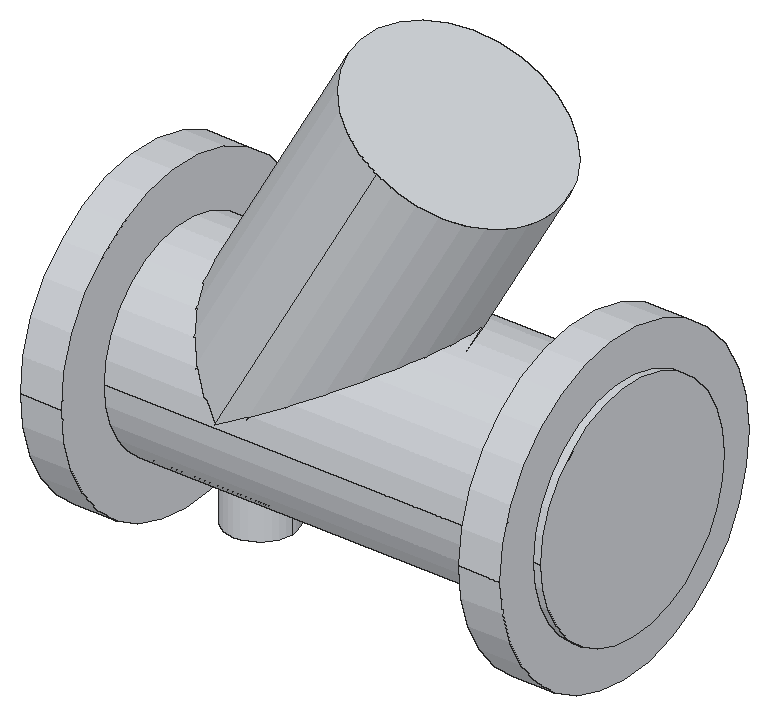
Revit family "HS 821-síto_standard-PN16-DN125-RFA_2018", category Pipe Accessories, Revit 2018
Family settings
  Round Connector Dimension = Use Diameter
  Part Type = Breaks Into
  Work Plane-Based = No
  Always vertical = Yes
  Cut with Voids When Loaded = No
  Shared = No
Parameters (values of type "821A-DN125-PN16-síto_standard")
  magiProductId = "bf68e728a163493cbd2a663b26ebdc"
  magiProductFamilyId = "79214ac3aaa945e397802f559f5c1e"
  magiPartTypeId = 307
  isMeasuringValve [instance] = no
  ang2D [instance] = 0.00°
  ZB__ve = -ZB  # -39.5 mm
  ZB1 = 74.52 mm
  ZB = 39.5 mm
  X2 = 131.888 mm
  X1 = 56 mm
  W2D = 15 mm
  VersionID = "2.0/2017.9.26.1/ZETKAMA_821_001"
  Use Minimum Symbol Size [instance] = yes
  URL = "www.hydronix.cz"
  Type Comments = "Filtr přírubový; síto standardní; A-PN16 (-10~300°C); D-PN25 (-10~350°C); F-PN40 (-10~400°C)"
  S = 184 mm
  QmdConnectorList = "301;D;302;D"
  Productdata [instance] = ""
  Manufacturer = "Hydronix"
  MC Product Code = "200 191 (821A; DN125; PN16; kvs326,2; oko síta 1,60mm)"
  LM1 = 32 mm
  LM = 320 mm
  L4 = 100 mm
  L2D_Min = 3048 mm
  L2D = 130 mm
  L2 = 200 mm
  HH2 = 228.438 mm
  FD = 250 mm
  Description = "Filtr přírubový; síto standardní; 821A-PN16; 821D-PN25; 821F-PN40"
  DM1 = 165 mm
  DM = 165.6 mm
  D = 125 mm
  CC = 6.8 mm
  CAT0 = yes
  C1 = 33.2 mm
  C = 40 mm
  BD = 52.164 mm
Types (40, lengths in mm): name | magiProductId | ZB__ve | ZB1 | ZB | X2 | X1 | S | MC Product Code | LM1 | LM | L4 | L2 | HH2 | FD | DM1 | DM | D | CC | C1 | C | BD
  821A-DN015-PN16-síto_standard | "a71bcfe8b393460598b23e8ddf7dc5" | -16.25 | 18.63 | 16.25 | 46.982 | 18.2 | 46 | "200 115 (821A; DN015; PN16; kvs6,3; oko síta 1,00mm)" | 10.4 | 104 | 32.5 | 65 | 81.375 | 95 | 27.6 | 41.4 | 15 | 2.21 | 10.79 | 13 | 13.041
  821A-DN020-PN16-síto_standard | "41cd6c7a12924f4991217528336076" | -17.75 | 22.68 | 17.75 | 51.673 | 21 | 56 | "200 120 (821A; DN020; PN16; kvs11,2; oko síta 1,00mm)" | 12 | 120 | 37.5 | 75 | 89.5 | 105 | 33.6 | 50.4 | 20 | 2.55 | 12.45 | 15 | 15.876
  821A-DN025-PN16-síto_standard | "be378b463ed14c3abf4c9b3ae8cf3a" | -19.25 | 26.325 | 19.25 | 58.601 | 22.4 | 65 | "200 125 (821A; DN025; PN16; kvs14,7; oko síta 1,00mm)" | 12.8 | 128 | 40 | 80 | 101.5 | 115 | 43.2 | 58.5 | 25 | 2.72 | 13.28 | 16 | 18.427
  821A-DN032-PN16-síto_standard | "227a0d18b21540afabe8b6067d35fa" | -23 | 30.78 | 23 | 68.849 | 25.2 | 76 | "200 132 (821A; DN032; PN16; kvs23,7; oko síta 1,00mm)" | 14.4 | 144 | 45 | 90 | 119.25 | 140 | 50.4 | 68.4 | 32 | 3.06 | 14.94 | 18 | 21.546
  821A-DN040-PN16-síto_standard | "d106917c74724141a10440112d0102" | -24.5 | 34.02 | 24.5 | 75.777 | 28 | 84 | "200 140 (821A; DN040; PN16; kvs37,7; oko síta 1,00mm)" | 16 | 160 | 50 | 100 | 131.25 | 150 | 60 | 75.6 | 40 | 3.4 | 16.6 | 20 | 23.814
  821A-DN050-PN16-síto_standard | "8255d456a09e4f6486734f5dd9171b" | -26.75 | 40.095 | 26.75 | 79.061 | 32.2 | 99 | "200 150 (821A; DN050 PN16; kvs57,9; oko síta 1,00mm)" | 18.4 | 184 | 57.5 | 115 | 136.938 | 165 | 73.8 | 89.1 | 50 | 3.91 | 19.09 | 23 | 28.066
  821A-DN065-PN16-síto_standard | "235b1b3e4c0843779a4d5e3716d40a" | -29.75 | 47.79 | 29.75 | 86.927 | 40.6 | 118 | "200 165 (821A; DN065; PN16; kvs101,5; oko síta 1,25mm)" | 23.2 | 232 | 72.5 | 145 | 150.562 | 185 | 94.2 | 106.2 | 65 | 4.93 | 24.07 | 29 | 33.453
  821A-DN080-PN16-síto_standard | "a067f7c5236348ed8c820d16df7214" | -32 | 53.46 | 32 | 104.753 | 43.4 | 132 | "200 180 (821A; DN080; PN16; kvs147,4; oko síta 1,25mm)" | 24.8 | 248 | 77.5 | 155 | 181.438 | 200 | 107.4 | 118.8 | 80 | 5.27 | 25.73 | 31 | 37.422
  821A-DN100-PN16-síto_standard | "c49a648c2747461285837d643703cd" | -35 | 63.18 | 35 | 114.857 | 49 | 156 | "200 190 (821A; DN100; PN16; kvs209,6; oko síta 1,60mm)" | 28 | 280 | 87.5 | 175 | 198.937 | 220 | 131.4 | 140.4 | 100 | 5.95 | 29.05 | 35 | 44.226
  821A-DN125-PN16-síto_standard | "bf68e728a163493cbd2a663b26ebdc" | -39.5 | 74.52 | 39.5 | 131.888 | 56 | 184 | "200 191 (821A; DN125; PN16; kvs326,2; oko síta 1,60mm)" | 32 | 320 | 100 | 200 | 228.438 | 250 | 165 | 165.6 | 125 | 6.8 | 33.2 | 40 | 52.164
  821A-DN150-PN16-síto_standard | "2de770284b654863ae6bc865769dc5" | -44.75 | 85.455 | 44.75 | 155.885 | 67.2 | 211 | "200 192 (821A; DN150; PN16; kvs403; oko síta 1,60mm)" | 38.4 | 384 | 120 | 240 | 270 | 285 | 192 | 189.9 | 150 | 8.16 | 39.84 | 48 | 59.818
  821A-DN200-PN16-síto_standard | "8e5693371ab64aabb29a7f08c76e15" | -53 | 107.73 | 53 | 188.361 | 84 | 266 | "200 193 (821A; DN200; PN16; kvs707; oko síta 1,60mm)" | 48 | 480 | 150 | 300 | 326.25 | 340 | 252 | 239.4 | 200 | 10.2 | 49.8 | 60 | 75.411
  821A-DN250-PN16-síto_standard | "05e37ed948c34047acdd4c42556504" | -62.75 | 129.195 | 62.75 | 255.911 | 102.2 | 319 | "200 194 (821A; DN250; PN16; kvs1234; oko síta 1,60mm)" | 58.4 | 584 | 182.5 | 365 | 443.25 | 405 | 309.6 | 287.1 | 250 | 12.41 | 60.59 | 73 | 90.436
  821A-DN300-PN16-síto_standard | "9ad0af747269428da925480d83ce80" | -71 | 149.85 | 71 | 325.914 | 119 | 370 | "200 195 (821A; DN300; PN16; kvs1916; oko síta 1,60mm)" | 68 | 680 | 212.5 | 425 | 564.5 | 460 | 369.6 | 333 | 300 | 14.45 | 70.55 | 85 | 104.895
  821A-DN350-PN16-síto_standard | "eebc71459bb3451bb4355e7951370a" | -80 | 173.745 | 80 | 356.875 | 137.2 | 429 | "200 196 (821A; DN350; PN16; kvs2621; oko síta 1,60mm)" | 78.4 | 784 | 245 | 490 | 618.125 | 520 | 438 | 386.1 | 350 | 16.66 | 81.34 | 98 | 121.621
  821A-DN400-PN16-síto_standard | "d2f677cb196647e385b2590e7d8abe" | -89 | 194.4 | 89 | 392.237 | 154 | 480 | "200 197 (821A; DN400; PN16; kvs3460; oko síta 1,60mm)" | 88 | 880 | 275 | 550 | 679.375 | 580 | 498 | 432 | 400 | 18.7 | 91.3 | 110 | 136.08
  821D-DN015-PN25-síto_standard | "27ddcbf555414f8ca1fde329bf9087" | -16.25 | 18.63 | 16.25 | 46.982 | 18.2 | 46 | "200 215 (821D; DN015; PN25; kvs6,3; oko síta 1,00mm)" | 10.4 | 104 | 32.5 | 65 | 81.375 | 95 | 27.6 | 41.4 | 15 | 2.21 | 10.79 | 13 | 13.041
  821D-DN020-PN25-síto_standard | "270e0f14012f47189cd0235c18faee" | -17.75 | 22.68 | 17.75 | 51.673 | 21 | 56 | "200 220 (821D; DN020; PN25; kvs11,2; oko síta 1,00mm)" | 12 | 120 | 37.5 | 75 | 89.5 | 105 | 33.6 | 50.4 | 20 | 2.55 | 12.45 | 15 | 15.876
  821D-DN025-PN25-síto_standard | "b9a7fb4aa36643878c637d8e1ab992" | -19.25 | 26.325 | 19.25 | 58.601 | 22.4 | 65 | "200 225 (821D; DN025; PN25; kvs14,7; oko síta 1,00mm)" | 12.8 | 128 | 40 | 80 | 101.5 | 115 | 43.2 | 58.5 | 25 | 2.72 | 13.28 | 16 | 18.427
  821D-DN032-PN25-síto_standard | "6be9a55c4e68400f94eec7e804204c" | -23 | 30.78 | 23 | 68.849 | 25.2 | 76 | "200 232 (821D; DN032; PN25; kvs23,7; oko síta 1,00mm)" | 14.4 | 144 | 45 | 90 | 119.25 | 140 | 50.4 | 68.4 | 32 | 3.06 | 14.94 | 18 | 21.546
  821D-DN040-PN25-síto_standard | "c54511bd7f584ec2984291479612cb" | -24.5 | 34.02 | 24.5 | 75.777 | 28 | 84 | "200 240 (821D; DN040; PN25; kvs37,7; oko síta 1,00mm)" | 16 | 160 | 50 | 100 | 131.25 | 150 | 60 | 75.6 | 40 | 3.4 | 16.6 | 20 | 23.814
  821D-DN050-PN25-síto_standard | "5483b1f596b04cd39b23a14a22c90e" | -26.75 | 40.095 | 26.75 | 79.061 | 32.2 | 99 | "200 250 (821D; DN050; PN25; kvs57,9; oko síta 1,00mm)" | 18.4 | 184 | 57.5 | 115 | 136.938 | 165 | 73.8 | 89.1 | 50 | 3.91 | 19.09 | 23 | 28.066
  821D-DN065-PN25-síto_standard | "767b0f8318e94750bc7a9930ed5b30" | -29.75 | 47.79 | 29.75 | 86.927 | 40.6 | 118 | "200 265 (821D; DN065; PN25; kvs101,5; oko síta 1,25mm)" | 23.2 | 232 | 72.5 | 145 | 150.562 | 185 | 94.2 | 106.2 | 65 | 4.93 | 24.07 | 29 | 33.453
  821D-DN080-PN25-síto_standard | "e21040fa3cc2404b858198f6b73709" | -32 | 53.46 | 32 | 104.753 | 43.4 | 132 | "200 280 (821D; DN080; PN25; kvs147,4; oko síta 1,25mm)" | 24.8 | 248 | 77.5 | 155 | 181.438 | 200 | 107.4 | 118.8 | 80 | 5.27 | 25.73 | 31 | 37.422
  821D-DN100-PN25-síto_standard | "175ca87a506b40b3bc6b82f12f33cf" | -37.25 | 63.18 | 37.25 | 114.857 | 49 | 156 | "200 290 (821D; DN100; PN25; kvs209,6; oko síta 1,60mm)" | 28 | 280 | 87.5 | 175 | 198.937 | 235 | 131.4 | 140.4 | 100 | 5.95 | 29.05 | 35 | 44.226
  821D-DN125-PN25-síto_standard | "77cc98d60da24855999a22dff726b2" | -42.5 | 74.52 | 42.5 | 131.888 | 56 | 184 | "200 291 (821D; DN125; PN25; kvs326,2; oko síta 1,60mm)" | 32 | 320 | 100 | 200 | 228.438 | 270 | 165 | 165.6 | 125 | 6.8 | 33.2 | 40 | 52.164
  821D-DN150-PN25-síto_standard | "9cf8acfcd15547d68e83172d3abcbe" | -47 | 85.455 | 47 | 155.885 | 67.2 | 211 | "200 292 (821D; DN150; PN25; kvs403; oko síta 1,60mm)" | 38.4 | 384 | 120 | 240 | 270 | 300 | 192 | 189.9 | 150 | 8.16 | 39.84 | 48 | 59.818
  821D-DN200-PN25-síto_standard | "16973f3c9ea14389ba8602495a6b64" | -56 | 110.97 | 56 | 188.361 | 84 | 274 | "200 293 (821D; DN200; PN25; kvs707; oko síta 1,60mm)" | 48 | 480 | 150 | 300 | 326.25 | 360 | 252 | 246.6 | 200 | 10.2 | 49.8 | 60 | 77.679
  821F-DN015-PN40-síto_standard | "4c7eaf3c4c0340888b3e684d8a8616" | -16.25 | 18.225 | 16.25 | 46.982 | 18.2 | 45 | "240 615 (821F; DN015; PN40; kvs6,3; oko síta 1,00mm)" | 10.4 | 104 | 32.5 | 65 | 81.375 | 95 | 27.6 | 40.5 | 15 | 2.21 | 10.79 | 13 | 12.757
  821F-DN020-PN40-síto_standard | "aaac5f1ec96b44d6ba96ac2293d66d" | -17.75 | 23.49 | 17.75 | 51.673 | 21 | 58 | "240 620 (821F; DN020; PN40; kvs11,2; oko síta 1,00mm)" | 12 | 120 | 37.5 | 75 | 89.5 | 105 | 33.6 | 52.2 | 20 | 2.55 | 12.45 | 15 | 16.443
  821F-DN025-PN40-síto_standard | "504768023968471481789485b54c7e" | -19.25 | 27.54 | 19.25 | 58.601 | 22.4 | 68 | "240 625 (821F; DN025; PN40; kvs14,7; oko síta 1,00mm)" | 12.8 | 128 | 40 | 80 | 101.5 | 115 | 43.2 | 61.2 | 25 | 2.72 | 13.28 | 16 | 19.278
  821F-DN032-PN40-síto_standard | "165e7f39cf744f329bdf1c400dad12" | -23 | 31.59 | 23 | 68.849 | 25.2 | 78 | "240 632 (821F; DN032; PN40; kvs23,7; oko síta 1,00mm)" | 14.4 | 144 | 45 | 90 | 119.25 | 140 | 50.4 | 70.2 | 32 | 3.06 | 14.94 | 18 | 22.113
  821F-DN040-PN40-síto_standard | "b8903f952089408fbf3a5a632bab1f" | -24.5 | 35.64 | 24.5 | 75.777 | 28 | 88 | "240 640 (821F; DN040; PN40; kvs37,7; oko síta 1,00mm)" | 16 | 160 | 50 | 100 | 131.25 | 150 | 60 | 79.2 | 40 | 3.4 | 16.6 | 20 | 24.948
  821F-DN050-PN40-síto_standard | "c451f97266fe48da8f879cb6a2bd44" | -26.75 | 41.31 | 26.75 | 79.061 | 32.2 | 102 | "240 650 (821F; DN050; PN40; kvs57,9; oko síta 1,00mm)" | 18.4 | 184 | 57.5 | 115 | 136.938 | 165 | 73.8 | 91.8 | 50 | 3.91 | 19.09 | 23 | 28.917
  821F-DN065-PN40-síto_standard | "dc9821e3f9b34e128f6a8c6b34c198" | -29.75 | 49.41 | 29.75 | 86.927 | 40.6 | 122 | "240 665 (821F; DN065; PN40; kvs101,5; oko síta 1,25mm)" | 23.2 | 232 | 72.5 | 145 | 150.562 | 185 | 94.2 | 109.8 | 65 | 4.93 | 24.07 | 29 | 34.587
  821F-DN080-PN40-síto_standard | "689aa1e260f84cf4994f027a1d86b5" | -32 | 55.89 | 32 | 104.753 | 43.4 | 138 | "240 680 (821F; DN080; PN40; kvs147,4; oko síta 1,25mm)" | 24.8 | 248 | 77.5 | 155 | 181.438 | 200 | 107.4 | 124.2 | 80 | 5.27 | 25.73 | 31 | 39.123
  821F-DN100-PN40-síto_standard | "8a45d4e8e2ab425f8c432f21d684f3" | -37.25 | 65.61 | 37.25 | 114.857 | 49 | 162 | "240 690 (821F; DN100; PN40; kvs209,6; oko síta 1,6mm)" | 28 | 280 | 87.5 | 175 | 198.937 | 235 | 131.4 | 145.8 | 100 | 5.95 | 29.05 | 35 | 45.927
  821F-DN125-PN40-síto_standard | "cf073904c006406b8645afa67ea2fc" | -42.5 | 76.14 | 42.5 | 131.888 | 56 | 188 | "240 691 (821F; DN125; PN40; kvs326,2; oko síta 1,6mm)" | 32 | 320 | 100 | 200 | 228.438 | 270 | 165 | 169.2 | 125 | 6.8 | 33.2 | 40 | 53.298
  821F-DN150-PN40-síto_standard | "0153b9ddabe14992a630484929fdbc" | -47 | 88.29 | 47 | 155.885 | 67.2 | 218 | "240 692 (821F; DN150; PN40; kvs403; oko síta 1,6mm)" | 38.4 | 384 | 120 | 240 | 270 | 300 | 192 | 196.2 | 150 | 8.16 | 39.84 | 48 | 61.803
  821F-DN200-PN40-síto_standard | "7fb3fc01dd8d42428c203e3f8dd4d5" | -56 | 115.425 | 56 | 188.361 | 84 | 285 | "240 693 (821F; DN200; PN40; kvs707; oko síta 1,6mm)" | 48 | 480 | 150 | 300 | 326.25 | 360 | 252 | 256.5 | 200 | 10.2 | 49.8 | 60 | 80.797
Reference planes
  plane 1 "Center (Front/Back)": y = 0
  plane 2 "XYPLANE": z = 0
  plane 3 "Center (Left/Right)": x = 0
  plane 4 "109": x = -128
  plane 5 "108": x = 160
  plane 6 "107": x = -160
  plane 7 "105": x = 200
  plane 8 "104": x = -200
  plane 9 "103": y = 0
  plane 10 "102": z = 0
  plane 11 "101": x = -193.2
  plane 12 "100": x = 193.2
  plane 13 "11": x = -72
  plane 14 "10": z = 228.438
  plane 15 "9": x = 59.888
  plane 16 "5": z = -74.52
  plane 17 "4": x = -100
  plane 18 "1": x = 100
Forms (mm)
  Extrusion 1, solid, visible <- "CAT0"
    sketch origin (-160, -750, 0) x (0, 1, 0) y (0, 0, 1)
      loop
        circle (750, 0) r 82.8
    from 0 to 320 <- "LM"
  Extrusion 2, solid
    sketch origin (-200, -750, 0) x (0, 1, 0) y (0, 0, 1)
      loop
        circle (750, 0) r 92
    from 0 to 6.8 <- "CC"
  Extrusion 3, solid
    sketch origin (-193.2, -750, 0) x (0, 1, 0) y (0, 0, 1)
      loop
        circle (750, 0) r 125
    from 0 to 33.2 <- "C1"
  Extrusion 4, solid
    sketch origin (160, -750, 0) x (0, 1, 0) y (0, 0, 1)
      loop
        circle (750, 0) r 125
    from 0 to 33.2 <- "C1"
  Extrusion 5, solid
    sketch origin (193.2, -750, 0) x (0, 1, 0) y (0, 0, 1)
      loop
        circle (750, 0) r 92
    from 0 to 6.8 <- "CC"
  Sweep 6, solid, visible <- "CAT0"
    path origin (750, 0, 0) x (-1, 0, 0) y (0, 0, 1)
      loop
        line (910, 0) -> (822, 0) -> (690.112, 228.438)
    profile origin (-160, 0, 0) x (0, 0, -1) y (0, 1, 0)
      loop
        circle (0, 0) r 82.5
  Extrusion 7, solid, visible <- "CAT0"
    sketch origin (-750, 0, -74.52) x (1, 0, 0) y (0, 1, 0)
      loop
        circle (650, 0) r 26.082
    from 0 to -39.5 <- "ZB__ve"
  Extrusion 8, solid, visible <- "CAT0"
    sketch origin (-750, 0, -74.52) x (1, 0, 0) y (0, 1, 0)
      loop
        circle (850, 0) r 26.082
    from 0 to -39.5 <- "ZB__ve"
  Extrusion 9, solid, not visible
    sketch origin (200, -750, 0) x (0, 1, 0) y (0, 0, 1)
      loop
        circle (750, 0) r 10
    from 0 to -10
  Extrusion 10, solid, not visible
    sketch origin (-200, -750, 0) x (0, 1, 0) y (0, 0, 1)
      loop
        circle (750, 0) r 10
    from 0 to 10
Lines and regions (mm)
  reference lines, not visible
    curve 1: circle (2, 2, 0) r 1 normal (0, 0, 1)
Dimensions and locks
  plane 1 "Center (Front/Back)" to curve 1 = 2 mm
  "LM1": plane 6 "107" to plane 4 "109"
  "LM": plane 6 "107" to plane 5 "108"
  "C": plane 8 "104" to plane 6 "107"
  "L2": plane 3 "Center (Left/Right)" to plane 7 "105"
  "L2": plane 3 "Center (Left/Right)" to plane 8 "104"
  locked: plane 1 "Center (Front/Back)" to plane 9 "103"
  locked: plane 2 "XYPLANE" to plane 10 "102"
  "CC": plane 8 "104" to plane 11 "101"
  "C1": plane 5 "108" to plane 12 "100"
  "X1": plane 4 "109" to plane 13 "11"
  "HH2": plane 2 "XYPLANE" to plane 14 "10"
  "X2": plane 13 "11" to plane 15 "9"
  "ZB1": plane 2 "XYPLANE" to plane 16 "5"
  "L4": plane 8 "104" to plane 17 "4"
  "L2": plane 17 "4" to plane 18 "1"
  Sweep 6 sketch curve to Sweep 6 sketch curve = 0 mm  (x2)
  "DM": diameter of Extrusion 1 sketch curve
  "S": diameter of Extrusion 2 sketch curve
  "FD": diameter of Extrusion 3 sketch curve
  "FD": diameter of Extrusion 4 sketch curve
  "S": diameter of Extrusion 5 sketch curve
  "DM1": diameter of Sweep 6 sketch curve
  "BD": diameter of Extrusion 7 sketch curve
  "BD": diameter of Extrusion 8 sketch curve
  aligned and locked: level to plane 2 "XYPLANE"
  aligned and locked: Extrusion 1 sketch curve to plane 9 "103"
  aligned and locked: plane 10 "102" to Extrusion 1 sketch curve
  aligned and locked: Extrusion 2 sketch curve to plane 9 "103"
  aligned and locked: plane 10 "102" to Extrusion 2 sketch curve
  aligned and locked: Extrusion 3 sketch curve to plane 9 "103"
  aligned and locked: plane 10 "102" to Extrusion 3 sketch curve
  aligned and locked: Extrusion 4 sketch curve to plane 9 "103"
  aligned and locked: plane 10 "102" to Extrusion 4 sketch curve
  aligned and locked: Extrusion 5 sketch curve to plane 9 "103"
  aligned and locked: plane 10 "102" to Extrusion 5 sketch curve
  aligned and locked: Sweep 6 sketch curve to plane 9 "103"
  aligned and locked: plane 10 "102" to Sweep 6 sketch curve  (x3)
  aligned and locked: plane 6 "107" to Sweep 6 sketch curve
  aligned and locked: plane 13 "11" to Sweep 6 sketch curve
  aligned and locked: plane 14 "10" to Sweep 6 sketch curve
  aligned and locked: plane 15 "9" to Sweep 6 sketch curve
  aligned and locked: plane 9 "103" to Extrusion 7 sketch curve
  aligned and locked: plane 17 "4" to Extrusion 7 sketch curve
  aligned and locked: plane 9 "103" to Extrusion 8 sketch curve
  aligned and locked: plane 18 "1" to Extrusion 8 sketch curve
  aligned and locked: Extrusion 9 sketch curve to plane 9 "103"
  aligned and locked: plane 10 "102" to Extrusion 9 sketch curve
  aligned and locked: Extrusion 10 sketch curve to plane 9 "103"
  aligned and locked: plane 10 "102" to Extrusion 10 sketch curve
Automatic sketch dimensions
  plane 1 "Center (Front/Back)" to Extrusion 9 sketch curve = 10 mm
  plane 1 "Center (Front/Back)" to Extrusion 10 sketch curve = 10 mm
  plane 3 "Center (Left/Right)" to curve 1 = 2 mm
  radius of curve 1 = 1 mm
Connectors
  piping at (-200, 0, 0), diameter 125, driven by "D"
    settings: on Extrusion 10, index 1, connector inside diameter 609.6 mm, connector length 0 mm, flow factor 0, pipe flow 0.0 L/s, pressure drop 0.0 Pa, fitting loss kfactor 0, connector angle 0.00°, fixture units 0, engagement length 0 mm, angle of deflection 0.00°, flow configuration 0, flow direction 0, fitting loss method 0, system type 29, joint type 0, gender type 0, connector reference index 2, connector utility 0, adjustable connector no, is connector primary yes, connector description ""
  piping at (200, 0, 0), diameter 125, driven by "D"
    settings: on Extrusion 9, index 2, connector inside diameter 609.6 mm, connector length 0 mm, flow factor 0, pipe flow 0.0 L/s, pressure drop 0.0 Pa, fitting loss kfactor 0, connector angle 0.00°, fixture units 0, engagement length 0 mm, angle of deflection 0.00°, flow configuration 0, flow direction 0, fitting loss method 0, system type 29, joint type 0, gender type 0, connector reference index 1, connector utility 0, adjustable connector no, is connector primary no, connector description ""
